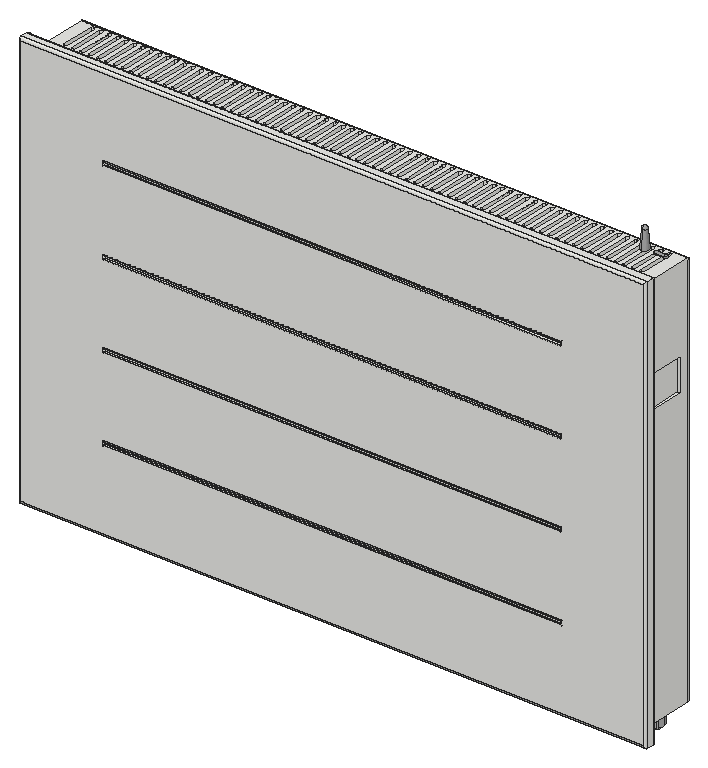
Revit family "SUBLIME RF_0750", category Generic Models, Revit 2018 (continued)
Forms (mm)
  Extrusion 143, void
    sketch origin (-264.247, -2.968, 0) x (1, 0, 0) y (0, 1, 0)
      loop
        line (491.747, -59.532) -> (491.747, -39.532)
    from 12 to 22
  Extrusion 144, void
    sketch origin (-269.247, 23.032, 0) x (1, 0, 0) y (0, 1, 0)
      loop
        line (491.747, -38.032) -> (486.747, -38.032) -> (486.747, -59.532)
        arc (486.747, -59.532) -> (489.247, -62.032) -> (491.747, -59.532) r 2.5
        line (491.747, -59.532) -> (491.747, -38.032)
    from 12 to 17
  Extrusion 145, void
    sketch origin (-254.247, -2.968, 0) x (1, 0, 0) y (0, 1, 0)
      loop
        arc (491.747, -39.532) -> (489.247, -37.032) -> (486.747, -39.532) r 2.5
        line (486.747, -39.532) -> (486.747, -59.532)
        arc (486.747, -59.532) -> (489.247, -62.032) -> (491.747, -59.532) r 2.5
        line (491.747, -59.532) -> (491.747, -39.532)
    from 12 to 22
  Extrusion 146, void
    sketch origin (-259.247, 23.032, 0) x (1, 0, 0) y (0, 1, 0)
      loop
        line (491.747, -38.032) -> (486.747, -38.032) -> (486.747, -59.532)
        arc (486.747, -59.532) -> (489.247, -62.032) -> (491.747, -59.532) r 2.5
        line (491.747, -59.532) -> (491.747, -38.032)
    from 12 to 17
  Extrusion 147, void
    sketch origin (-244.247, -2.968, 0) x (1, 0, 0) y (0, 1, 0)
      loop
        arc (491.747, -39.532) -> (489.247, -37.032) -> (486.747, -39.532) r 2.5
        line (486.747, -39.532) -> (486.747, -59.532)
        arc (486.747, -59.532) -> (489.247, -62.032) -> (491.747, -59.532) r 2.5
        line (491.747, -59.532) -> (491.747, -39.532)
    from 12 to 22
  Extrusion 148, void
    sketch origin (-249.247, 23.032, 0) x (1, 0, 0) y (0, 1, 0)
      loop
        line (491.747, -38.032) -> (486.747, -38.032) -> (486.747, -59.532)
        arc (486.747, -59.532) -> (489.247, -62.032) -> (491.747, -59.532) r 2.5
        line (491.747, -59.532) -> (491.747, -38.032)
    from 12 to 17
  Extrusion 149, void
    sketch origin (-514.247, -2.968, 0) x (1, 0, 0) y (0, 1, 0)
      loop
        arc (491.747, -39.532) -> (489.247, -37.032) -> (486.747, -39.532) r 2.5
        line (486.747, -39.532) -> (486.747, -59.532)
        arc (486.747, -59.532) -> (489.247, -62.032) -> (491.747, -59.532) r 2.5
        line (491.747, -59.532) -> (491.747, -39.532)
    from 12 to 22
  Extrusion 150, void
    sketch origin (-509.247, 23.032, 0) x (1, 0, 0) y (0, 1, 0)
      loop
        line (491.747, -38.032) -> (486.747, -38.032) -> (486.747, -59.532)
        arc (486.747, -59.532) -> (489.247, -62.032) -> (491.747, -59.532) r 2.5
        line (491.747, -59.532) -> (491.747, -38.032)
    from 12 to 17
  Extrusion 151, void
    sketch origin (-524.247, -2.968, 0) x (1, 0, 0) y (0, 1, 0)
      loop
        arc (491.747, -39.532) -> (489.247, -37.032) -> (486.747, -39.532) r 2.5
        line (486.747, -39.532) -> (486.747, -59.532)
        arc (486.747, -59.532) -> (489.247, -62.032) -> (491.747, -59.532) r 2.5
        line (491.747, -59.532) -> (491.747, -39.532)
    from 12 to 22
  Extrusion 152, void
    sketch origin (-519.247, 23.032, 0) x (1, 0, 0) y (0, 1, 0)
      loop
        line (491.747, -38.032) -> (486.747, -38.032) -> (486.747, -59.532)
        arc (486.747, -59.532) -> (489.247, -62.032) -> (491.747, -59.532) r 2.5
        line (491.747, -59.532) -> (491.747, -38.032)
    from 12 to 17
  Extrusion 153, void
    sketch origin (-534.247, -2.968, 0) x (1, 0, 0) y (0, 1, 0)
      loop
        arc (491.747, -39.532) -> (489.247, -37.032) -> (486.747, -39.532) r 2.5
        line (486.747, -39.532) -> (486.747, -59.532)
        arc (486.747, -59.532) -> (489.247, -62.032) -> (491.747, -59.532) r 2.5
        line (491.747, -59.532) -> (491.747, -39.532)
    from 12 to 22
  Extrusion 154, void
    sketch origin (-529.247, 23.032, 0) x (1, 0, 0) y (0, 1, 0)
      loop
        line (491.747, -38.032) -> (486.747, -38.032) -> (486.747, -59.532)
        arc (486.747, -59.532) -> (489.247, -62.032) -> (491.747, -59.532) r 2.5
        line (491.747, -59.532) -> (491.747, -38.032)
    from 12 to 17
  Extrusion 155, void
    sketch origin (-544.247, -2.968, 0) x (1, 0, 0) y (0, 1, 0)
      loop
        arc (491.747, -39.532) -> (489.247, -37.032) -> (486.747, -39.532) r 2.5
        line (486.747, -39.532) -> (486.747, -59.532)
        arc (486.747, -59.532) -> (489.247, -62.032) -> (491.747, -59.532) r 2.5
        line (491.747, -59.532) -> (491.747, -39.532)
    from 12 to 22
  Extrusion 156, void
    sketch origin (-539.247, 23.032, 0) x (1, 0, 0) y (0, 1, 0)
      loop
        line (491.747, -38.032) -> (486.747, -38.032) -> (486.747, -59.532)
        arc (486.747, -59.532) -> (489.247, -62.032) -> (491.747, -59.532) r 2.5
        line (491.747, -59.532) -> (491.747, -38.032)
    from 12 to 17
  Extrusion 157, void
    sketch origin (-554.247, -2.968, 0) x (1, 0, 0) y (0, 1, 0)
      loop
        arc (491.747, -39.532) -> (489.247, -37.032) -> (486.747, -39.532) r 2.5
        line (486.747, -39.532) -> (486.747, -59.532)
        arc (486.747, -59.532) -> (489.247, -62.032) -> (491.747, -59.532) r 2.5
        line (491.747, -59.532) -> (491.747, -39.532)
    from 12 to 22
  Extrusion 158, void
    sketch origin (-549.247, 23.032, 0) x (1, 0, 0) y (0, 1, 0)
      loop
        line (491.747, -38.032) -> (486.747, -38.032) -> (486.747, -59.532)
        arc (486.747, -59.532) -> (489.247, -62.032) -> (491.747, -59.532) r 2.5
        line (491.747, -59.532) -> (491.747, -38.032)
    from 12 to 17
  Extrusion 159, void
    sketch origin (-564.247, -2.968, 0) x (1, 0, 0) y (0, 1, 0)
      loop
        arc (491.747, -39.532) -> (489.247, -37.032) -> (486.747, -39.532) r 2.5
        line (486.747, -39.532) -> (486.747, -59.532)
        arc (486.747, -59.532) -> (489.247, -62.032) -> (491.747, -59.532) r 2.5
        line (491.747, -59.532) -> (491.747, -39.532)
    from 12 to 22
  Extrusion 160, void
    sketch origin (-559.247, 23.032, 0) x (1, 0, 0) y (0, 1, 0)
      loop
        line (491.747, -38.032) -> (486.747, -38.032) -> (486.747, -59.532)
        arc (486.747, -59.532) -> (489.247, -62.032) -> (491.747, -59.532) r 2.5
        line (491.747, -59.532) -> (491.747, -38.032)
    from 12 to 17
  Extrusion 161, void
    sketch origin (-574.247, -2.968, 0) x (1, 0, 0) y (0, 1, 0)
      loop
        arc (491.747, -39.532) -> (489.247, -37.032) -> (486.747, -39.532) r 2.5
        line (486.747, -39.532) -> (486.747, -59.532)
        arc (486.747, -59.532) -> (489.247, -62.032) -> (491.747, -59.532) r 2.5
        line (491.747, -59.532) -> (491.747, -39.532)
    from 12 to 22
  Extrusion 162, void
    sketch origin (-569.247, 23.032, 0) x (1, 0, 0) y (0, 1, 0)
      loop
        line (491.747, -38.032) -> (486.747, -38.032) -> (486.747, -59.532)
        arc (486.747, -59.532) -> (489.247, -62.032) -> (491.747, -59.532) r 2.5
        line (491.747, -59.532) -> (491.747, -38.032)
    from 12 to 17
  Extrusion 163, void
    sketch origin (-584.247, -2.968, 0) x (1, 0, 0) y (0, 1, 0)
      loop
        arc (491.747, -39.532) -> (489.247, -37.032) -> (486.747, -39.532) r 2.5
        line (486.747, -39.532) -> (486.747, -59.532)
        arc (486.747, -59.532) -> (489.247, -62.032) -> (491.747, -59.532) r 2.5
        line (491.747, -59.532) -> (491.747, -39.532)
    from 12 to 22
  Extrusion 164, void
    sketch origin (-579.247, 23.032, 0) x (1, 0, 0) y (0, 1, 0)
      loop
        line (491.747, -38.032) -> (486.747, -38.032) -> (486.747, -59.532)
        arc (486.747, -59.532) -> (489.247, -62.032) -> (491.747, -59.532) r 2.5
        line (491.747, -59.532) -> (491.747, -38.032)
    from 12 to 17
  Extrusion 165, void
    sketch origin (-594.247, -2.968, 0) x (1, 0, 0) y (0, 1, 0)
      loop
        arc (491.747, -39.532) -> (489.247, -37.032) -> (486.747, -39.532) r 2.5
        line (486.747, -39.532) -> (486.747, -59.532)
        arc (486.747, -59.532) -> (489.247, -62.032) -> (491.747, -59.532) r 2.5
        line (491.747, -59.532) -> (491.747, -39.532)
    from 12 to 22
  Extrusion 166, void
    sketch origin (-589.247, 23.032, 0) x (1, 0, 0) y (0, 1, 0)
      loop
        line (491.747, -38.032) -> (486.747, -38.032) -> (486.747, -59.532)
        arc (486.747, -59.532) -> (489.247, -62.032) -> (491.747, -59.532) r 2.5
        line (491.747, -59.532) -> (491.747, -38.032)
    from 12 to 17
  Extrusion 167, void
    sketch origin (-604.247, -2.968, 0) x (1, 0, 0) y (0, 1, 0)
      loop
        arc (491.747, -39.532) -> (489.247, -37.032) -> (486.747, -39.532) r 2.5
        line (486.747, -39.532) -> (486.747, -59.532)
        arc (486.747, -59.532) -> (489.247, -62.032) -> (491.747, -59.532) r 2.5
        line (491.747, -59.532) -> (491.747, -39.532)
    from 12 to 22
  Extrusion 168, void
    sketch origin (-599.247, 23.032, 0) x (1, 0, 0) y (0, 1, 0)
      loop
        line (491.747, -38.032) -> (486.747, -38.032) -> (486.747, -59.532)
        arc (486.747, -59.532) -> (489.247, -62.032) -> (491.747, -59.532) r 2.5
        line (491.747, -59.532) -> (491.747, -38.032)
    from 12 to 17
  Extrusion 169, void
    sketch origin (-614.247, -2.968, 0) x (1, 0, 0) y (0, 1, 0)
      loop
        arc (491.747, -39.532) -> (489.247, -37.032) -> (486.747, -39.532) r 2.5
        line (486.747, -39.532) -> (486.747, -59.532)
        arc (486.747, -59.532) -> (489.247, -62.032) -> (491.747, -59.532) r 2.5
        line (491.747, -59.532) -> (491.747, -39.532)
    from 12 to 22
  Extrusion 170, void
    sketch origin (-609.247, 23.032, 0) x (1, 0, 0) y (0, 1, 0)
      loop
        line (491.747, -38.032) -> (486.747, -38.032) -> (486.747, -59.532)
        arc (486.747, -59.532) -> (489.247, -62.032) -> (491.747, -59.532) r 2.5
        line (491.747, -59.532) -> (491.747, -38.032)
    from 12 to 17
  Extrusion 171, void
    sketch origin (-624.247, -2.968, 0) x (1, 0, 0) y (0, 1, 0)
      loop
        arc (491.747, -39.532) -> (489.247, -37.032) -> (486.747, -39.532) r 2.5
        line (486.747, -39.532) -> (486.747, -59.532)
        arc (486.747, -59.532) -> (489.247, -62.032) -> (491.747, -59.532) r 2.5
        line (491.747, -59.532) -> (491.747, -39.532)
    from 12 to 22
  Extrusion 172, void
    sketch origin (-619.247, 23.032, 0) x (1, 0, 0) y (0, 1, 0)
      loop
        line (491.747, -38.032) -> (486.747, -38.032) -> (486.747, -59.532)
        arc (486.747, -59.532) -> (489.247, -62.032) -> (491.747, -59.532) r 2.5
        line (491.747, -59.532) -> (491.747, -38.032)
    from 12 to 17
  Extrusion 173, void
    sketch origin (-634.247, -2.968, 0) x (1, 0, 0) y (0, 1, 0)
      loop
        arc (491.747, -39.532) -> (489.247, -37.032) -> (486.747, -39.532) r 2.5
        line (486.747, -39.532) -> (486.747, -59.532)
        arc (486.747, -59.532) -> (489.247, -62.032) -> (491.747, -59.532) r 2.5
        line (491.747, -59.532) -> (491.747, -39.532)
    from 12 to 22
  Extrusion 174, void
    sketch origin (-629.247, 23.032, 0) x (1, 0, 0) y (0, 1, 0)
      loop
        line (491.747, -38.032) -> (486.747, -38.032) -> (486.747, -59.532)
        arc (486.747, -59.532) -> (489.247, -62.032) -> (491.747, -59.532) r 2.5
        line (491.747, -59.532) -> (491.747, -38.032)
    from 12 to 17
  Extrusion 175, void
    sketch origin (-644.247, -2.968, 0) x (1, 0, 0) y (0, 1, 0)
      loop
        arc (491.747, -39.532) -> (489.247, -37.032) -> (486.747, -39.532) r 2.5
        line (486.747, -39.532) -> (486.747, -59.532)
        arc (486.747, -59.532) -> (489.247, -62.032) -> (491.747, -59.532) r 2.5
        line (491.747, -59.532) -> (491.747, -39.532)
    from 12 to 22
  Extrusion 176, void
    sketch origin (-639.247, 23.032, 0) x (1, 0, 0) y (0, 1, 0)
      loop
        line (491.747, -38.032) -> (486.747, -38.032) -> (486.747, -59.532)
        arc (486.747, -59.532) -> (489.247, -62.032) -> (491.747, -59.532) r 2.5
        line (491.747, -59.532) -> (491.747, -38.032)
    from 12 to 17
  Extrusion 177, void
    sketch origin (-654.247, -2.968, 0) x (1, 0, 0) y (0, 1, 0)
      loop
        arc (491.747, -39.532) -> (489.247, -37.032) -> (486.747, -39.532) r 2.5
        line (486.747, -39.532) -> (486.747, -59.532)
        arc (486.747, -59.532) -> (489.247, -62.032) -> (491.747, -59.532) r 2.5
        line (491.747, -59.532) -> (491.747, -39.532)
    from 12 to 22
  Extrusion 178, void
    sketch origin (-649.247, 23.032, 0) x (1, 0, 0) y (0, 1, 0)
      loop
        line (491.747, -38.032) -> (486.747, -38.032) -> (486.747, -59.532)
        arc (486.747, -59.532) -> (489.247, -62.032) -> (491.747, -59.532) r 2.5
        line (491.747, -59.532) -> (491.747, -38.032)
    from 12 to 17
  Extrusion 179, void
    sketch origin (-664.247, -2.968, 0) x (1, 0, 0) y (0, 1, 0)
      loop
        arc (491.747, -39.532) -> (489.247, -37.032) -> (486.747, -39.532) r 2.5
        line (486.747, -39.532) -> (486.747, -59.532)
        arc (486.747, -59.532) -> (489.247, -62.032) -> (491.747, -59.532) r 2.5
        line (491.747, -59.532) -> (491.747, -39.532)
    from 12 to 22
  Extrusion 180, void
    sketch origin (-659.247, 23.032, 0) x (1, 0, 0) y (0, 1, 0)
      loop
        line (491.747, -38.032) -> (486.747, -38.032) -> (486.747, -59.532)
        arc (486.747, -59.532) -> (489.247, -62.032) -> (491.747, -59.532) r 2.5
        line (491.747, -59.532) -> (491.747, -38.032)
    from 12 to 17
  Extrusion 181, void
    sketch origin (-674.247, -2.968, 0) x (1, 0, 0) y (0, 1, 0)
      loop
        arc (491.747, -39.532) -> (489.247, -37.032) -> (486.747, -39.532) r 2.5
        line (486.747, -39.532) -> (486.747, -59.532)
        arc (486.747, -59.532) -> (489.247, -62.032) -> (491.747, -59.532) r 2.5
        line (491.747, -59.532) -> (491.747, -39.532)
    from 12 to 22
  Extrusion 182, void
    sketch origin (-669.247, 23.032, 0) x (1, 0, 0) y (0, 1, 0)
      loop
        line (491.747, -38.032) -> (486.747, -38.032) -> (486.747, -59.532)
        arc (486.747, -59.532) -> (489.247, -62.032) -> (491.747, -59.532) r 2.5
        line (491.747, -59.532) -> (491.747, -38.032)
    from 12 to 17
  Extrusion 183, void
    sketch origin (-684.247, -2.968, 0) x (1, 0, 0) y (0, 1, 0)
      loop
        arc (491.747, -39.532) -> (489.247, -37.032) -> (486.747, -39.532) r 2.5
        line (486.747, -39.532) -> (486.747, -59.532)
        arc (486.747, -59.532) -> (489.247, -62.032) -> (491.747, -59.532) r 2.5
        line (491.747, -59.532) -> (491.747, -39.532)
    from 12 to 22
  Extrusion 184, void
    sketch origin (-679.247, 23.032, 0) x (1, 0, 0) y (0, 1, 0)
      loop
        line (491.747, -38.032) -> (486.747, -38.032) -> (486.747, -59.532)
        arc (486.747, -59.532) -> (489.247, -62.032) -> (491.747, -59.532) r 2.5
        line (491.747, -59.532) -> (491.747, -38.032)
    from 12 to 17
  Extrusion 185, void
    sketch origin (-694.247, -2.968, 0) x (1, 0, 0) y (0, 1, 0)
      loop
        arc (491.747, -39.532) -> (489.247, -37.032) -> (486.747, -39.532) r 2.5
        line (486.747, -39.532) -> (486.747, -59.532)
        arc (486.747, -59.532) -> (489.247, -62.032) -> (491.747, -59.532) r 2.5
        line (491.747, -59.532) -> (491.747, -39.532)
    from 12 to 22
  Extrusion 186, void
    sketch origin (-689.247, 23.032, 0) x (1, 0, 0) y (0, 1, 0)
      loop
        line (491.747, -38.032) -> (486.747, -38.032) -> (486.747, -59.532)
        arc (486.747, -59.532) -> (489.247, -62.032) -> (491.747, -59.532) r 2.5
        line (491.747, -59.532) -> (491.747, -38.032)
    from 12 to 17
  Extrusion 187, void
    sketch origin (-704.247, -2.968, 0) x (1, 0, 0) y (0, 1, 0)
      loop
        arc (491.747, -39.532) -> (489.247, -37.032) -> (486.747, -39.532) r 2.5
        line (486.747, -39.532) -> (486.747, -59.532)
        arc (486.747, -59.532) -> (489.247, -62.032) -> (491.747, -59.532) r 2.5
        line (491.747, -59.532) -> (491.747, -39.532)
    from 12 to 22
  Extrusion 188, void
    sketch origin (-699.247, 23.032, 0) x (1, 0, 0) y (0, 1, 0)
      loop
        line (491.747, -38.032) -> (486.747, -38.032) -> (486.747, -59.532)
        arc (486.747, -59.532) -> (489.247, -62.032) -> (491.747, -59.532) r 2.5
        line (491.747, -59.532) -> (491.747, -38.032)
    from 12 to 17
  Extrusion 189, void
    sketch origin (-714.247, -2.968, 0) x (1, 0, 0) y (0, 1, 0)
      loop
        arc (491.747, -39.532) -> (489.247, -37.032) -> (486.747, -39.532) r 2.5
        line (486.747, -39.532) -> (486.747, -59.532)
        arc (486.747, -59.532) -> (489.247, -62.032) -> (491.747, -59.532) r 2.5
        line (491.747, -59.532) -> (491.747, -39.532)
    from 12 to 22
  Extrusion 190, void
    sketch origin (-709.247, 23.032, 0) x (1, 0, 0) y (0, 1, 0)
      loop
        line (491.747, -38.032) -> (486.747, -38.032) -> (486.747, -59.532)
        arc (486.747, -59.532) -> (489.247, -62.032) -> (491.747, -59.532) r 2.5
        line (491.747, -59.532) -> (491.747, -38.032)
    from 12 to 17
  Extrusion 191, void
    sketch origin (-724.247, -2.968, 0) x (1, 0, 0) y (0, 1, 0)
      loop
        arc (491.747, -39.532) -> (489.247, -37.032) -> (486.747, -39.532) r 2.5
        line (486.747, -39.532) -> (486.747, -59.532)
        arc (486.747, -59.532) -> (489.247, -62.032) -> (491.747, -59.532) r 2.5
        line (491.747, -59.532) -> (491.747, -39.532)
    from 12 to 22
  Extrusion 192, void
    sketch origin (-719.247, 23.032, 0) x (1, 0, 0) y (0, 1, 0)
      loop
        line (491.747, -38.032) -> (486.747, -38.032) -> (486.747, -59.532)
        arc (486.747, -59.532) -> (489.247, -62.032) -> (491.747, -59.532) r 2.5
        line (491.747, -59.532) -> (491.747, -38.032)
    from 12 to 17
  Extrusion 193, void
    sketch origin (-734.247, -2.968, 0) x (1, 0, 0) y (0, 1, 0)
      loop
        arc (491.747, -39.532) -> (489.247, -37.032) -> (486.747, -39.532) r 2.5
        line (486.747, -39.532) -> (486.747, -59.532)
        arc (486.747, -59.532) -> (489.247, -62.032) -> (491.747, -59.532) r 2.5
        line (491.747, -59.532) -> (491.747, -39.532)
    from 12 to 22
  Extrusion 194, void
    sketch origin (-729.247, 23.032, 0) x (1, 0, 0) y (0, 1, 0)
      loop
        line (491.747, -38.032) -> (486.747, -38.032) -> (486.747, -59.532)
        arc (486.747, -59.532) -> (489.247, -62.032) -> (491.747, -59.532) r 2.5
        line (491.747, -59.532) -> (491.747, -38.032)
    from 12 to 17
  Blend 195, void
    base sketch origin (0, 0, -300) x (1, 0, 0) y (0, 0, 1)
      loop
        arc (-274, 503) -> (-274.707, 502.707) -> (-275, 502) r 1
        line (-275, 502) -> (-275, 498)
        arc (-275, 498) -> (-274.707, 497.293) -> (-274, 497) r 1
        line (-274, 497) -> (274, 497)
        arc (274, 497) -> (274.707, 497.293) -> (275, 498) r 1
        line (275, 498) -> (275, 502)
        arc (275, 502) -> (274.707, 502.707) -> (274, 503) r 1
        line (274, 503) -> (-274, 503)
    top sketch origin (0, 0, -300) x (1, 0, 0) y (0, 0, 1)
      loop
        line (273, 501) -> (-273, 501) -> (-273, 499) -> (273, 499) -> (273, 501)
    from 95.2 to 94
  Blend 196, void
    base sketch origin (0, 0, -200) x (1, 0, 0) y (0, 0, 1)
      loop
        arc (-274, 503) -> (-274.707, 502.707) -> (-275, 502) r 1
        line (-275, 502) -> (-275, 498)
        arc (-275, 498) -> (-274.707, 497.293) -> (-274, 497) r 1
        line (-274, 497) -> (274, 497)
        arc (274, 497) -> (274.707, 497.293) -> (275, 498) r 1
        line (275, 498) -> (275, 502)
        arc (275, 502) -> (274.707, 502.707) -> (274, 503) r 1
        line (274, 503) -> (-274, 503)
    top sketch origin (0, 0, -200) x (1, 0, 0) y (0, 0, 1)
      loop
        line (273, 501) -> (-273, 501) -> (-273, 499) -> (273, 499) -> (273, 501)
    from 95.2 to 94
  Blend 197, void
    base sketch origin (0, 0, -100) x (1, 0, 0) y (0, 0, 1)
      loop
        arc (-274, 503) -> (-274.707, 502.707) -> (-275, 502) r 1
        line (-275, 502) -> (-275, 498)
        arc (-275, 498) -> (-274.707, 497.293) -> (-274, 497) r 1
        line (-274, 497) -> (274, 497)
        arc (274, 497) -> (274.707, 497.293) -> (275, 498) r 1
        line (275, 498) -> (275, 502)
        arc (275, 502) -> (274.707, 502.707) -> (274, 503) r 1
        line (274, 503) -> (-274, 503)
    top sketch origin (0, 0, -100) x (1, 0, 0) y (0, 0, 1)
      loop
        line (273, 501) -> (-273, 501) -> (-273, 499) -> (273, 499) -> (273, 501)
    from 95.2 to 94
Cuts and joins
  Sweep 4, Extrusion 8, Extrusion 9, Extrusion 10, Extrusion 11, Extrusion 12, Extrusion 13, Extrusion 14, Extrusion 15, Extrusion 16, Extrusion 17, Extrusion 18, Extrusion 19, Extrusion 20, Extrusion 21, Extrusion 22, Extrusion 23, Extrusion 24, Extrusion 25, Extrusion 26, Extrusion 27, Extrusion 28, Extrusion 29, Extrusion 30, Extrusion 33, Extrusion 34, Extrusion 35, Extrusion 36, Extrusion 37, Extrusion 38, Extrusion 39, Extrusion 40, Extrusion 41, Extrusion 42, Extrusion 43, Extrusion 44, Extrusion 45, Extrusion 46, Extrusion 47, Extrusion 48, Extrusion 49, Extrusion 50, Extrusion 51, Extrusion 52, Extrusion 53, Extrusion 54, Extrusion 55, Extrusion 56, Extrusion 57, Extrusion 58, Extrusion 59, Extrusion 60, Extrusion 61, Extrusion 62, Extrusion 63, Extrusion 64, Extrusion 65, Extrusion 66, Extrusion 67, Extrusion 68, Extrusion 69, Extrusion 70, Extrusion 71, Extrusion 72, Extrusion 73, Extrusion 74, Extrusion 75, Extrusion 76, Extrusion 77, Extrusion 78, Extrusion 79, Extrusion 80, Extrusion 81, Extrusion 82, Extrusion 83, Extrusion 84, Extrusion 85, Extrusion 86, Extrusion 87, Extrusion 88, Extrusion 89, Extrusion 90, Extrusion 91, Extrusion 92, Extrusion 93, Extrusion 94, Extrusion 95, Extrusion 96, Extrusion 97, Extrusion 98, Extrusion 99, Extrusion 100, Extrusion 101, Extrusion 102, Extrusion 103, Extrusion 104, Extrusion 105, Extrusion 106, Extrusion 107, Extrusion 108, Extrusion 109, Extrusion 110, Extrusion 111, Extrusion 112, Extrusion 113, Extrusion 114, Extrusion 115, Extrusion 116, Extrusion 117, Extrusion 118, Extrusion 119, Extrusion 120, Extrusion 121, Extrusion 122, Extrusion 123, Extrusion 124, Extrusion 125, Extrusion 126, Extrusion 127, Extrusion 128, Extrusion 129, Extrusion 130, Extrusion 131, Extrusion 132, Extrusion 133, Extrusion 134, Extrusion 135, Extrusion 136, Extrusion 137, Extrusion 138, Extrusion 139, Extrusion 140, Extrusion 141, Extrusion 142, Extrusion 143, Extrusion 144, Extrusion 145, Extrusion 146, Extrusion 147, Extrusion 148, Extrusion 149, Extrusion 150, Extrusion 151, Extrusion 152, Extrusion 153, Extrusion 154, Extrusion 155, Extrusion 156, Extrusion 157, Extrusion 158, Extrusion 159, Extrusion 160, Extrusion 161, Extrusion 162, Extrusion 163, Extrusion 164, Extrusion 165, Extrusion 166, Extrusion 167, Extrusion 168, Extrusion 169, Extrusion 170, Extrusion 171, Extrusion 172, Extrusion 173, Extrusion 174, Extrusion 175, Extrusion 176, Extrusion 177, Extrusion 178, Extrusion 179, Extrusion 180, Extrusion 181, Extrusion 182, Extrusion 183, Extrusion 184, Extrusion 185, Extrusion 186, Extrusion 187, Extrusion 188, Extrusion 189, Extrusion 190, Extrusion 191, Extrusion 192, Extrusion 193, Extrusion 194 cuts Extrusion 3
  Sweep 2, Blend 5, Blend 195, Blend 196, Blend 197 cuts Extrusion 1
Lines and regions (mm)
  sketch lines
    curve 1: line (375, -95, 500) -> (-375, -95, 500)
    curve 2: line (375, -95, 0) -> (375, -95, 500)
    curve 3: line (-375, -95, 0) -> (375, -95, 0)
    curve 4: line (-375, -95, 500) -> (-375, -95, 0)
    curve 5: line (363, -81, 488) -> (-363, -81, 488)
    curve 6: line (363, -81, 12) -> (363, -81, 488)
    curve 7: line (-363, -81, 12) -> (363, -81, 12)
    curve 8: line (-363, -81, 488) -> (-363, -81, 12)
Dimensions and locks
  "Breedte": plane 5 to plane 4
  equal spacing: plane 5, plane 3 "Center (Left/Right)", plane 4
  "Hoogte": plane 6 to level
  locked: plane 9 to plane 4 at 12
  locked: plane 5 to plane 11 at 12
  locked: plane 6 to plane 10 at 12
  locked: plane 12 to level at 12
  "Diepte": plane 8 to plane 7
  locked: plane 14 to plane 4 at 102
  locked: plane 5 to plane 15 at 102
  equal spacing: group 1, group 2, group 3, group 4, group 5, group 6, group 7, group 8, group 9, group 10, group 11, group 12, group 13, group 14, group 15, group 16, group 17, group 18, group 19, group 20, group 21, group 22, group 23, group 24, group 25, group 26, group 27, group 28, group 29, group 30, group 31, group 32, group 33, group 34, group 35  (x3)
  equal spacing: group 70, group 69, group 68, group 67, group 66, group 65, group 64, group 63, group 62, group 61, group 60, group 59, group 58, group 57, group 56, group 55, group 54, group 53, group 52, group 51, group 50, group 49, group 48, group 47, group 46, group 45, group 44, group 43, group 42, group 41, group 40, group 39, group 38, group 37, group 36
  equal spacing: group 36, group 37, group 38, group 39, group 40, group 41, group 42, group 43, group 44, group 45, group 46, group 47, group 48, group 49, group 50, group 51, group 52, group 53, group 54, group 55, group 56, group 57, group 58, group 59, group 60, group 61, group 62, group 63, group 64, group 65, group 66, group 67, group 68, group 69, group 70  (x2)
  locked: Extrusion 7 to Extrusion 7 at 4
  locked: Extrusion 6 to Extrusion 6 at 4
  locked: Revolve 32 to plane 5 at 21
  locked: Extrusion 31 to plane 5 at 14
  equal spacing: group 71, group 72, group 73, group 74, group 75, group 76, group 77, group 78, group 79, group 80, group 81, group 82, group 83, group 84, group 85, group 86, group 87, group 88, group 89, group 90, group 91, group 92, group 93, group 94  (x3)
  equal spacing: group 118, group 117, group 116, group 115, group 114, group 113, group 112, group 111, group 110, group 109, group 108, group 107, group 106, group 105, group 104, group 103, group 102, group 101, group 100, group 99, group 98, group 97, group 96, group 95
  equal spacing: group 95, group 96, group 97, group 98, group 99, group 100, group 101, group 102, group 103, group 104, group 105, group 106, group 107, group 108, group 109, group 110, group 111, group 112, group 113, group 114, group 115, group 116, group 117, group 118  (x2)
  cut or joined group 1 (Extrusion 3, Sweep 4, Extrusion 8, Extrusion 9, Extrusion 10, Extrusion 11, Extrusion 12, Extrusion 13, Extrusion 14, Extrusion 15, Extrusion 16, Extrusion 17, Extrusion 18, Extrusion 19, Extrusion 20, Extrusion 21, Extrusion 22, Extrusion 23, Extrusion 24, Extrusion 25, Extrusion 26, Extrusion 27, Extrusion 28, Extrusion 29, Extrusion 30, Extrusion 33, Extrusion 34, Extrusion 35, Extrusion 36, Extrusion 37, Extrusion 38, Extrusion 39, Extrusion 40, Extrusion 41, Extrusion 42, Extrusion 43, Extrusion 44, Extrusion 45, Extrusion 46, Extrusion 47, Extrusion 48, Extrusion 49, Extrusion 50, Extrusion 51, Extrusion 52, Extrusion 53, Extrusion 54, Extrusion 55, Extrusion 56, Extrusion 57, Extrusion 58, Extrusion 59, Extrusion 60, Extrusion 61, Extrusion 62, Extrusion 63, Extrusion 64, Extrusion 65, Extrusion 66, Extrusion 67, Extrusion 68, Extrusion 69, Extrusion 70, Extrusion 71, Extrusion 72, Extrusion 73, Extrusion 74, Extrusion 75, Extrusion 76, Extrusion 77, Extrusion 78, Extrusion 79, Extrusion 80, Extrusion 81, Extrusion 82, Extrusion 83, Extrusion 84, Extrusion 85, Extrusion 86, Extrusion 87, Extrusion 88, Extrusion 89, Extrusion 90, Extrusion 91, Extrusion 92, Extrusion 93, Extrusion 94, Extrusion 95, Extrusion 96, Extrusion 97, Extrusion 98, Extrusion 99, Extrusion 100, Extrusion 101, Extrusion 102, Extrusion 103, Extrusion 104, Extrusion 105, Extrusion 106, Extrusion 107, Extrusion 108, Extrusion 109, Extrusion 110, Extrusion 111, Extrusion 112, Extrusion 113, Extrusion 114, Extrusion 115, Extrusion 116, Extrusion 117, Extrusion 118, Extrusion 119, Extrusion 120, Extrusion 121, Extrusion 122, Extrusion 123, Extrusion 124, Extrusion 125, Extrusion 126, Extrusion 127, Extrusion 128, Extrusion 129, Extrusion 130, Extrusion 131, Extrusion 132, Extrusion 133, Extrusion 134, Extrusion 135, Extrusion 136, Extrusion 137, Extrusion 138, Extrusion 139, Extrusion 140, Extrusion 141, Extrusion 142, Extrusion 143, Extrusion 144, Extrusion 145, Extrusion 146, Extrusion 147, Extrusion 148, Extrusion 149, Extrusion 150, Extrusion 151, Extrusion 152, Extrusion 153, Extrusion 154, Extrusion 155, Extrusion 156, Extrusion 157, Extrusion 158, Extrusion 159, Extrusion 160, Extrusion 161, Extrusion 162, Extrusion 163, Extrusion 164, Extrusion 165, Extrusion 166, Extrusion 167, Extrusion 168, Extrusion 169, Extrusion 170, Extrusion 171, Extrusion 172, Extrusion 173, Extrusion 174, Extrusion 175, Extrusion 176, Extrusion 177, Extrusion 178, Extrusion 179, Extrusion 180, Extrusion 181, Extrusion 182, Extrusion 183, Extrusion 184, Extrusion 185, Extrusion 186, Extrusion 187, Extrusion 188, Extrusion 189, Extrusion 190, Extrusion 191, Extrusion 192, Extrusion 193, Extrusion 194) to cut or joined group 1 to plane 5 = 10 mm locked, 53 mm locked
  plane 4 to cut or joined group 1 to cut or joined group 1 to cut or joined group of Extrusion 3, Sweep 4, Extrusion 8, Extrusion 9, Extrusion 10, Extrusion 11, Extrusion 12, Extrusion 13, Extrusion 14, Extrusion 15, Extrusion 16, Extrusion 17, Extrusion 18, Extrusion 19, Extrusion 20, Extrusion 21, Extrusion 22, Extrusion 23, Extrusion 24, Extrusion 25, Extrusion 26, Extrusion 27, Extrusion 28, Extrusion 29, Extrusion 30, Extrusion 33, Extrusion 34, Extrusion 35, Extrusion 36, Extrusion 37, Extrusion 38, Extrusion 39, Extrusion 40, Extrusion 41, Extrusion 42, Extrusion 43, Extrusion 44, Extrusion 45, Extrusion 46, Extrusion 47, Extrusion 48, Extrusion 49, Extrusion 50, Extrusion 51, Extrusion 52, Extrusion 53, Extrusion 54, Extrusion 55, Extrusion 56, Extrusion 57, Extrusion 58, Extrusion 59, Extrusion 60, Extrusion 61, Extrusion 62, Extrusion 63, Extrusion 64, Extrusion 65, Extrusion 66, Extrusion 67, Extrusion 68, Extrusion 69, Extrusion 70, Extrusion 71, Extrusion 72, Extrusion 73, Extrusion 74, Extrusion 75, Extrusion 76, Extrusion 77, Extrusion 78, Extrusion 79, Extrusion 80, Extrusion 81, Extrusion 82, Extrusion 83, Extrusion 84, Extrusion 85, Extrusion 86, Extrusion 87, Extrusion 88, Extrusion 89, Extrusion 90, Extrusion 91, Extrusion 92, Extrusion 93, Extrusion 94, Extrusion 95, Extrusion 96, Extrusion 97, Extrusion 98, Extrusion 99, Extrusion 100, Extrusion 101, Extrusion 102, Extrusion 103, Extrusion 104, Extrusion 105, Extrusion 106, Extrusion 107, Extrusion 108, Extrusion 109, Extrusion 110, Extrusion 111, Extrusion 112, Extrusion 113, Extrusion 114, Extrusion 115, Extrusion 116, Extrusion 117, Extrusion 118, Extrusion 119, Extrusion 120, Extrusion 121, Extrusion 122, Extrusion 123, Extrusion 124, Extrusion 125, Extrusion 126, Extrusion 127, Extrusion 128, Extrusion 129, Extrusion 130, Extrusion 131, Extrusion 132, Extrusion 133, Extrusion 134, Extrusion 135, Extrusion 136, Extrusion 137, Extrusion 138, Extrusion 139, Extrusion 140, Extrusion 141, Extrusion 142, Extrusion 143, Extrusion 144, Extrusion 145, Extrusion 146, Extrusion 147, Extrusion 148, Extrusion 149, Extrusion 150, Extrusion 151, Extrusion 152, Extrusion 153, Extrusion 154, Extrusion 155, Extrusion 156, Extrusion 157, Extrusion 158, Extrusion 159, Extrusion 160, Extrusion 161, Extrusion 162, Extrusion 163, Extrusion 164, Extrusion 165, Extrusion 166, Extrusion 167, Extrusion 168, Extrusion 169, Extrusion 170, Extrusion 171, Extrusion 172, Extrusion 173, Extrusion 174, Extrusion 175, Extrusion 176, Extrusion 177, Extrusion 178, Extrusion 179, Extrusion 180, Extrusion
     181, Extrusion 182, Extrusion 183, Extrusion 184, Extrusion 185, Extrusion 186, Extrusion 187, Extrusion 188, Extrusion 189, Extrusion 190, Extrusion 191, Extrusion 192, Extrusion 193, Extrusion 194 to cut or joined group 1 to cut or joined group 1 = 28 mm locked, 10 mm locked, 10 mm locked, 10 mm locked, 10 mm locked
  locked: nested 2 to plane 5 at 23
  locked: Blend 5 sketch curve to var sketch at 2  (x2)
  locked: Blend 195 sketch curve to var sketch at 2  (x2)
  locked: Blend 196 sketch curve to var sketch at 2  (x2)
  locked: Blend 197 sketch curve to var sketch at 2  (x2)
  locked: plane 10 to plane 16 at 94
  locked: plane 5 to nested 4 at 27.5
  locked: nested 4 to plane 7 at 13
  locked: nested 5 to plane 11 at 2.5
  aligned and locked: level to plane 2
  aligned and locked: Extrusion 1 sketch curve to plane 4
  aligned and locked: Extrusion 1 sketch curve to plane 6
  aligned and locked: Extrusion 1 sketch curve to plane 5
  aligned and locked: Extrusion 1 sketch curve to level
  aligned and locked: Extrusion 3 sketch curve to plane 10
  aligned and locked: Extrusion 3 sketch curve to plane 11
  aligned and locked: Extrusion 3 sketch curve to plane 12
  aligned and locked: Extrusion 3 sketch curve to plane 9
  aligned and locked: Extrusion 7 to plane 11
  aligned and locked: Extrusion 8 to Extrusion 6  (x2)
  aligned and locked: plane 11 to Extrusion 8
  aligned and locked: cut or joined group 1 to cut or joined group 1  (x13)
  aligned and locked: plane 16 to nested 1
  aligned and locked: plane 16 to nested 3
  aligned and locked: nested 4 to plane 10
  aligned and locked: nested 5 to Extrusion 6
Automatic sketch dimensions
  Extrusion 24 sketch curve to Extrusion 24 sketch curve = 2.5 mm
  Extrusion 24 sketch curve to Extrusion 24 sketch curve = 20 mm
  Extrusion 26 sketch curve to Extrusion 26 sketch curve = 2.5 mm
  Extrusion 29 sketch curve to Extrusion 29 sketch curve = 2.5 mm
  Extrusion 29 sketch curve to Extrusion 29 sketch curve = 20 mm
  Extrusion 30 sketch curve to Extrusion 30 sketch curve = 2.5 mm
  Extrusion 33 sketch curve to Extrusion 33 sketch curve = 2.5 mm
  Extrusion 34 sketch curve to Extrusion 34 sketch curve = 2.5 mm
  Extrusion 34 sketch curve to Extrusion 34 sketch curve = 40 mm
  Extrusion 35 sketch curve to Extrusion 35 sketch curve = 2.5 mm
  Extrusion 35 sketch curve to Extrusion 35 sketch curve = 40 mm
  Extrusion 36 sketch curve to Extrusion 36 sketch curve = 2.5 mm
  Extrusion 36 sketch curve to Extrusion 36 sketch curve = 40 mm
  Extrusion 37 sketch curve to Extrusion 37 sketch curve = 2.5 mm
  Extrusion 37 sketch curve to Extrusion 37 sketch curve = 40 mm
  Extrusion 38 sketch curve to Extrusion 38 sketch curve = 2.5 mm
  Extrusion 38 sketch curve to Extrusion 38 sketch curve = 40 mm
  Extrusion 39 sketch curve to Extrusion 39 sketch curve = 2.5 mm
  Extrusion 39 sketch curve to Extrusion 39 sketch curve = 40 mm
  Extrusion 40 sketch curve to Extrusion 40 sketch curve = 2.5 mm
  Extrusion 40 sketch curve to Extrusion 40 sketch curve = 40 mm
  Extrusion 41 sketch curve to Extrusion 41 sketch curve = 2.5 mm
  Extrusion 41 sketch curve to Extrusion 41 sketch curve = 40 mm
  Extrusion 42 sketch curve to Extrusion 42 sketch curve = 2.5 mm
  Extrusion 42 sketch curve to Extrusion 42 sketch curve = 40 mm
  Extrusion 43 sketch curve to Extrusion 43 sketch curve = 2.5 mm
  Extrusion 43 sketch curve to Extrusion 43 sketch curve = 40 mm
  Extrusion 44 sketch curve to Extrusion 44 sketch curve = 2.5 mm
  Extrusion 44 sketch curve to Extrusion 44 sketch curve = 40 mm
  Extrusion 45 sketch curve to Extrusion 45 sketch curve = 2.5 mm
  Extrusion 45 sketch curve to Extrusion 45 sketch curve = 40 mm
  Extrusion 46 sketch curve to Extrusion 46 sketch curve = 2.5 mm
  Extrusion 46 sketch curve to Extrusion 46 sketch curve = 40 mm
  Extrusion 47 sketch curve to Extrusion 47 sketch curve = 2.5 mm
  Extrusion 47 sketch curve to Extrusion 47 sketch curve = 40 mm
  Extrusion 48 sketch curve to Extrusion 48 sketch curve = 2.5 mm
  Extrusion 48 sketch curve to Extrusion 48 sketch curve = 40 mm
  Extrusion 49 sketch curve to Extrusion 49 sketch curve = 2.5 mm
  Extrusion 49 sketch curve to Extrusion 49 sketch curve = 40 mm
  Extrusion 50 sketch curve to Extrusion 50 sketch curve = 2.5 mm
  Extrusion 50 sketch curve to Extrusion 50 sketch curve = 40 mm
  Extrusion 51 sketch curve to Extrusion 51 sketch curve = 2.5 mm
  Extrusion 51 sketch curve to Extrusion 51 sketch curve = 40 mm
  Extrusion 52 sketch curve to Extrusion 52 sketch curve = 2.5 mm
  Extrusion 52 sketch curve to Extrusion 52 sketch curve = 40 mm
  Extrusion 53 sketch curve to Extrusion 53 sketch curve = 2.5 mm
  Extrusion 53 sketch curve to Extrusion 53 sketch curve = 40 mm
  Extrusion 54 sketch curve to Extrusion 54 sketch curve = 2.5 mm
  Extrusion 54 sketch curve to Extrusion 54 sketch curve = 40 mm
  Extrusion 55 sketch curve to Extrusion 55 sketch curve = 2.5 mm
  Extrusion 55 sketch curve to Extrusion 55 sketch curve = 40 mm
  Extrusion 56 sketch curve to Extrusion 56 sketch curve = 2.5 mm
  Extrusion 56 sketch curve to Extrusion 56 sketch curve = 40 mm
  Extrusion 57 sketch curve to Extrusion 57 sketch curve = 2.5 mm
  Extrusion 57 sketch curve to Extrusion 57 sketch curve = 40 mm
  Extrusion 58 sketch curve to Extrusion 58 sketch curve = 2.5 mm
  Extrusion 58 sketch curve to Extrusion 58 sketch curve = 40 mm
  Extrusion 59 sketch curve to Extrusion 59 sketch curve = 2.5 mm
  Extrusion 59 sketch curve to Extrusion 59 sketch curve = 40 mm
  Extrusion 60 sketch curve to Extrusion 60 sketch curve = 2.5 mm
  Extrusion 60 sketch curve to Extrusion 60 sketch curve = 40 mm
  Extrusion 61 sketch curve to Extrusion 61 sketch curve = 2.5 mm
  Extrusion 61 sketch curve to Extrusion 61 sketch curve = 40 mm
  Extrusion 62 sketch curve to Extrusion 62 sketch curve = 2.5 mm
  Extrusion 62 sketch curve to Extrusion 62 sketch curve = 40 mm
  Extrusion 63 sketch curve to Extrusion 63 sketch curve = 2.5 mm
  Extrusion 63 sketch curve to Extrusion 63 sketch curve = 40 mm
  Extrusion 64 sketch curve to Extrusion 64 sketch curve = 2.5 mm
  Extrusion 64 sketch curve to Extrusion 64 sketch curve = 40 mm
  Extrusion 65 sketch curve to Extrusion 65 sketch curve = 2.5 mm
  Extrusion 65 sketch curve to Extrusion 65 sketch curve = 40 mm
  Extrusion 66 sketch curve to Extrusion 66 sketch curve = 2.5 mm
  Extrusion 66 sketch curve to Extrusion 66 sketch curve = 40 mm
  Extrusion 67 sketch curve to Extrusion 67 sketch curve = 2.5 mm
  Extrusion 67 sketch curve to Extrusion 67 sketch curve = 40 mm
  Extrusion 68 sketch curve to Extrusion 68 sketch curve = 2.5 mm
  Extrusion 68 sketch curve to Extrusion 68 sketch curve = 40 mm
  Extrusion 33 sketch curve to Extrusion 33 sketch curve = 40 mm
  Extrusion 69 sketch curve to Extrusion 69 sketch curve = 2.5 mm
  Extrusion 69 sketch curve to Extrusion 69 sketch curve = 40 mm
  Extrusion 70 sketch curve to Extrusion 70 sketch curve = 2.5 mm
